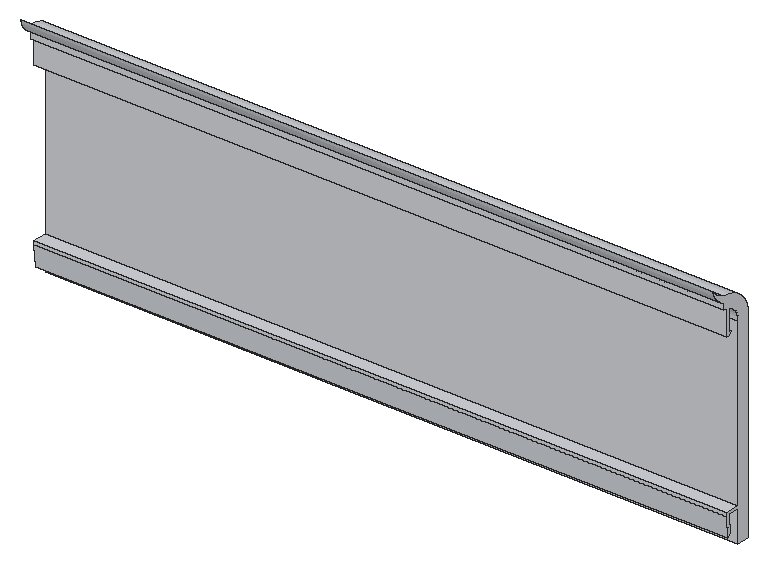
Revit family "HansWeitzel_54149", category Allgemeines Modell, Revit 2017
Family settings
  Basisbauteil = Wand
  Kann Basisbauteil für Bewehrung sein = Nein
  Bemaßung runder Anschluss = Durchmesser verwenden
  Teiletyp = Normal
  Immer vertikal = Ja
  Beim Laden mit Abzugskörper schneiden = Nein
  Gemeinsam genutzt = Nein
  Raumberechnungspunkt = Nein
Parameters
  max. Betriebstemperatur (°C) = 90
  Werkstoff = "PVC"
  Wandmontage möglich = yes
  Typname = "HZ-Blindleiste BLF Esche weiß, 2m"
  Tiefe (mm) = 16
  Selbstverlöschend = yes
  Profilart = "Sockelprofil"
  Menge pro Verpackungseinheit = 10
  Ist Zubehör = no
  Ist System = no
  Höhe [mm] = 87
  Hersteller = "Hans Weitzel GmbH & Co. KG"
  HeinzeBIM = "https://www.heinze.de/bim/hz-blindleiste-blf-esche-weiss-2m/2e1143b049f018550558bcd59075e48f41033138"
  HAN = "54149"
  Gewicht unverpackt (netto) [kg] = 0.7
  GTIN = "4022023112917"
  Farbton = "Holzart/Holzdekor"
  Dekor = "Esche weiß"
  Breite [mm] = 2000
  Brandklasse B2 = yes
  Beschreibung = "HZ-Blindleiste BLF Esche weiß, 2m mit Dekorfolie passend zu SLF EW"
  BIMSITE_PRODUCT_ID = "2e1143b049f018550558bcd59075e48f41033138"
  BIM = "https://media.live.bim.site/t/eyJhbGciOiJIUzI1NiIsInR5cCI6IkpXVCJ9.eyJjdCI6MSwidGYiOiJwdWJsaWMvaGFucy13ZWl0emVsLWdtYmgtY28ta2cvMjI1MGEyZS9IWl9CTEZfUHJvZmlsLnJmYSIsImNpZCI6ImZlZDk4ZTlhLTFiZDgtNGM2OC1hNzNiLTc0YTk0ZTMxNTgyMyIsInJpZCI6ImFiYzljNzM2YTE2ZWUyMzQ2OWY3YWVkYzUyYTAzMDljIiwicGlkIjoiMmUxMTQzYjA0OWYwMTg1NTA1NThiY2Q1OTA3NWU0OGY0MTAzMzEzOCIsInNpZCI6IjYzNTU4IiwidXQiOjUsImxjIjoiZGUiLCJpYXQiOjE1ODAxMTk4MzksImlzcyI6Imh0dHBzOi8vYXBpLmxpdmUuYmltLnNpdGUiLCJzdWIiOiJmNTg2YzRiNi1hNTA4LTQyN2EtOTgxOC0xMzE3OTY2NTc2YmMifQ.LbGPL4yY47udzY03xl4DXTIXZgzn5w-C08xvE0Nd8oM/HZ_BLF_Profil.rfa"
Reference planes
  plane 1: y = 0
  plane 2 "Center (Left/Right)": x = 0
  plane 3 "Wall Edge": y = 76.2
Text (mm)
  text "Placement Side" at (0, 1019.848, 3124.603), in view "Right"
  text "Placement Side" at (-1787.662, 723.012, 0), in view "Ref. Level"
  text "Placement Side" at (0, 2073.289, 3571.227), in view "Left"
Dimensions and locks
  locked: plane 3 "Wall Edge" to host wall
  aligned and locked: plane 3 "Wall Edge" to nested 1
Nested families
  nested 1: "HZ_BLF_Part2" at (0, 76.2, 0), type "HZ_BLF_Part2"
Definition of nested family "HZ_BLF_Part2"
  Reference planes
    plane 1 "Center (Front/Back)": y = 0
    plane 2: z = 0
    plane 3 "Center (Left/Right)": x = 0
  Forms (mm)
    Extrusion 1, solid, detail levels fine
      sketch origin (0, 0, 0) x (0, 1, 0) y (0, 0, 1)
        loop
          arc (16, 72) -> (12.727, 79.83) -> (4.854, 82.999) r 11
          arc (4.854, 82.999) -> (2.091, 84.316) -> (0, 86.553) r 8.222
          arc (0, 86.553) -> (1.757, 83.087) -> (4.851, 80.736) r 8.67
          line (4.851, 80.736) -> (4.851, 78.472)
          arc (4.851, 78.472) -> (5.499, 78.442) -> (6.14, 78.346) r 6.5
          line (6.14, 78.346) -> (6.14, 69.232) -> (7.064, 69.232) -> (8.141, 70.371) -> (7.148, 70.371) -> (7.148, 78.059)
          arc (7.148, 78.059) -> (10.208, 75.675) -> (11.366, 71.972) r 6.5
          line (11.366, 71.972) -> (11.366, 12.318) -> (6.13, 12.318) -> (6.13, 11.14) -> (6.85, 3.802) -> (7.723, 4.72) -> (7.157, 11.4) -> (11.366, 11.4) -> (11.366, 0) -> (16, 0) -> (16, 72)
      from 0 to 250
    Extrusion 2, solid, detail levels medium
      sketch origin (0, 0, 0) x (0, 1, 0) y (0, 0, 1)
        loop
          line (16, 0) -> (16, 72)
          arc (16, 72) -> (12.727, 79.83) -> (4.854, 82.999) r 11
          arc (4.854, 82.999) -> (2.091, 84.316) -> (0, 86.553) r 8.222
          line (0, 86.553) -> (4.851, 78.472)
          arc (4.851, 78.472) -> (5.499, 78.442) -> (6.14, 78.346) r 6.5
          line (6.14, 78.346) -> (6.14, 69.232) -> (7.148, 69.232) -> (7.148, 78.059)
          arc (7.148, 78.059) -> (10.208, 75.675) -> (11.366, 71.972) r 6.5
          line (11.366, 71.972) -> (11.366, 12.318) -> (6.13, 12.318) -> (6.13, 11.14) -> (6.85, 3.802) -> (7.723, 4.72) -> (7.157, 11.4) -> (11.366, 11.4) -> (11.366, 0) -> (16, 0)
      from 0 to 250
    Extrusion 3, solid, detail levels coarse
      sketch origin (0, 0, 0) x (0, 1, 0) y (0, 0, 1)
        loop
          line (16, 0) -> (16, 86.553) -> (0, 86.553) -> (0, 0) -> (16, 0)
      from 0 to 250
  Dimensions and locks
    aligned and locked: plane 2 to level
